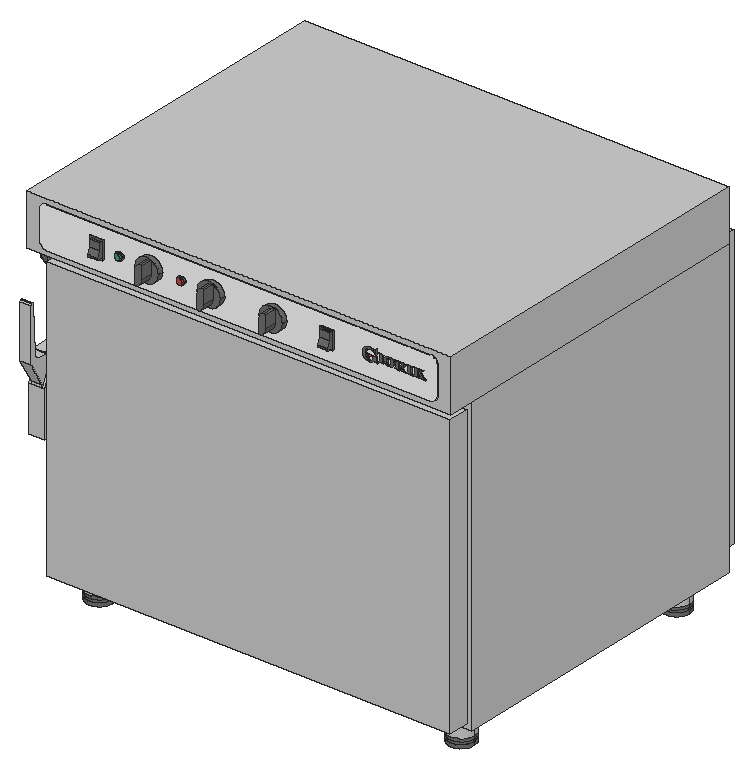
Revit family "QF_GIORIK_GR0511M_GR0511L_GR0511E_GR0511P", category Specialty Equipment, Revit 2014
Parameters (values of type "GR0511M")
  Weight in Pounds = 213.848
  Watts = 6300 W
  Waste Water Discharge Temperature = 0 °C
  Volts = 400 V
  URL Cutsheet = ""
  URL = "www.giorik.com"
  Programmable electronic control = no
  Plumbing Remarks [instance] = ""
  Plumbing Connection Type [instance] = ""
  Legs height [instance] = 60 mm
  Indirect Waste Size = 3/4"
  Indirect Waste Flow = 0.0 L/s
  Indirect Waste Connection Type [instance] = ""
  Indirect Waste Connection Height = 46 mm
  Mechanical control = yes
  Status [instance] = ""
  Specification by User [instance] = ""
  Specification by Manufacturer = ""
  Serial Number = ""
  Seismic Rating = ""
  SMACNA No = ""
  Revision Code [instance] = ""
  Phase = 3
  Number of Poles [instance] = 3
  NAFEM Spec ID Number = ""
  Model = "GR0511M"
  Min Ckt Ampacity = 0 A
  Max Overcurrent Protection = 20 A
  Masterspec = ""
  Manufacturer = "GIORIK"
  Show Logo [instance] = yes
  Show Clearance [instance] = yes
  Item Number [instance] = ""
  Installed By [instance] = ""
  Identify Quantity as Lot [instance] = no
  HP = "0"
  Furnished By [instance] = ""
  Foodservice Equipment Identifier [instance] = yes
  FL Amps = 0 A
  Electronic control = no
  Electrical Remarks [instance] = ""
  Electric Connection Type [instance] = ""
  Elec Conn RI Height [instance] = 0 mm
  Elec Conn Connection Height [instance] = 284 mm
  Description = "REGENERATING OVEN 5 GN 1/1 - MECHANICAL VERSION"
  Cycle = 50 Hz
  Conn Plug = ""
  Conn Conduit [instance] = no
  Cold Water Temperature Recommended = 0 °C
  Cold Water Size = 3/4"
  Cold Water RI Height [instance] = 0 mm
  Cold Water Minimum Pressure [instance] = 150.0 kPa
  Cold Water Maximum Pressure [instance] = 600.0 kPa
  Cold Water Flow [instance] = 0.0 L/s
  Cold Water Consumption [instance] = ""
  Cold Water Connection Height = 199 mm
  CSI MasterFormat = ""
  Assembly Code = "E1090320"
  Apparent Power = 6300 VA
Reference planes
  plane 1 "Back": y = 0
  plane 2: z = 0
  plane 3 "Left": x = 0
  plane 4 "Right": x = 820
  plane 5 "Front": y = -746
  plane 6 "Top": z = 730
  plane 7 "Legs height": z = 60
  plane 8 "Front oven": y = -696
Forms (mm)
  Extrusion 1, solid
    sketch origin (0, 0, 0) x (1, 0, 0) y (0, 0, 1)
      loop
        line (0, 60) -> (820, 60) -> (820, 630) -> (0, 630) -> (0, 60)
    from 75 to 696
  Extrusion 2, solid
    sketch origin (0, -746, 0) x (-1, 0, 0) y (0, 0, 1)
      loop
        line (-818, 620) -> (-818, 75) -> (-38, 75) -> (-38, 620) -> (-818, 620)
    from 0 to 40
  Extrusion 3, solid, visible <- "Show Clearance", detail levels coarse
    sketch origin (430, -505, 0) x (1, 0, 0) y (0, 1, 0)
      loop
        line (-430, -241) -> (-430, 505) -> (390, 505) -> (390, -241) -> (490, -241) -> (490, 605) -> (-530, 605) -> (-530, -241) -> (-430, -241)
    from 0 to 730
  Extrusion 4, solid, visible <- "Show Clearance", detail levels coarse
    sketch origin (0, -21, 60) x (0, 1, 0) y (-1, 0, 0)
      loop
        line (-725, -820) -> (-725, -38)
        arc (-725, -38) -> (-1269.196, -248.189) -> (-1509, -780) r 768.537
        line (-1509, -780) -> (-1509, -820) -> (-725, -820)
    from 15 to 560
  Extrusion 5, solid
    sketch origin (0, -746, 0) x (-1, 0, 0) y (0, 0, 1)
      loop
        arc (-25, 705) -> (-29.393, 715.607) -> (-40, 720) r 15
        line (-40, 720) -> (-780, 720)
        arc (-780, 720) -> (-790.607, 715.607) -> (-795, 705) r 15
        line (-795, 705) -> (-795, 655)
        arc (-795, 655) -> (-790.607, 644.393) -> (-780, 640) r 15
        line (-780, 640) -> (-40, 640)
        arc (-40, 640) -> (-29.393, 644.393) -> (-25, 655) r 15
        line (-25, 655) -> (-25, 705)
    from -0.5 to 2
  Extrusion 6, solid
    sketch origin (820, 165, 0) x (0, -1, 0) y (0, 0, 1)
      loop
        circle (220, 199) r 11
    from 50 to 30
  Extrusion 7, solid, visible <- "Mechanical control"
    sketch origin (0, -746, 0) x (-1, 0, 0) y (0, 0, 1)
      loop
        circle (-180, 680) r 7.5
    from 0 to -3
  Extrusion 8, solid, visible <- "Show Logo", detail levels medium+fine
    sketch origin (576.604, -746, 203.695) x (-1, 0, 0) y (0, 0, 1)
      loop
        line (-104.547, 483.962) -> (-115.547, 483.962) -> (-112.754, 481.618) -> (-112.754, 471.306) -> (-115.547, 468.962) -> (-104.547, 468.962) -> (-107.34, 471.306) -> (-107.34, 481.618) -> (-104.547, 483.962)
      loop
        line (-159.547, 483.962) -> (-170.547, 483.962) -> (-167.754, 481.618) -> (-167.754, 471.306) -> (-170.547, 468.962) -> (-159.547, 468.962) -> (-162.34, 471.306) -> (-162.34, 481.618) -> (-159.547, 483.962)
      loop
        line (-172.547, 483.962) -> (-183.547, 483.962) -> (-180.754, 481.618) -> (-180.754, 476.706) -> (-187.354, 482.244) -> (-184.9, 483.962) -> (-193.294, 483.962) -> (-189.303, 482.101) -> (-186.172, 478.97) -> (-192.777, 471.098) -> (-195.9, 469.962) -> (-195.9, 468.962) -> (-184.9, 468.962) -> (-186.151, 470.747) -> (-182.483, 475.625) -> (-180.754, 474.818) -> (-180.754, 471.306) -> (-183.547, 468.962) -> (-172.547, 468.962) -> (-175.34, 471.306) -> (-175.34, 481.618) -> (-172.547, 483.962)
      loop
        line (-100.387, 488.5) -> (-100.387, 478.865)
        arc (-100.387, 478.865) -> (-95.719, 483.282) -> (-89.875, 485.956) r 19.648
        arc (-89.875, 485.956) -> (-85.547, 485.774) -> (-82.114, 483.131) r 7.168
        arc (-82.114, 483.131) -> (-80.034, 476.5) -> (-82.114, 469.868) r 11.613
        arc (-82.114, 469.868) -> (-84.434, 467.581) -> (-87.423, 466.287) r 8.864
        arc (-87.423, 466.287) -> (-90.954, 466.508) -> (-93.801, 468.608) r 6.26
        line (-93.801, 468.608) -> (-93.801, 476.174) -> (-101.26, 476.174) -> (-101.26, 468.213) -> (-103.406, 466.068) -> (-98.753, 467.314)
        arc (-98.753, 467.314) -> (-96.873, 467.533) -> (-95.12, 466.821) r 3.816
        arc (-95.12, 466.821) -> (-86.651, 464.034) -> (-78.183, 466.821) r 14.26
        arc (-78.183, 466.821) -> (-73.396, 476.305) -> (-78.183, 485.788) r 11.787
        arc (-78.183, 485.788) -> (-86.838, 488.637) -> (-95.494, 485.788) r 14.575
        line (-95.494, 485.788) -> (-100.387, 488.5)
      loop
        arc (-117.299, 481.157) -> (-125.457, 484.293) -> (-133.615, 481.157) r 12.178
        arc (-133.615, 481.157) -> (-135.675, 476.524) -> (-133.615, 471.891) r 6.24
        arc (-133.615, 471.891) -> (-125.457, 468.755) -> (-117.299, 471.891) r 12.178
        arc (-117.299, 471.891) -> (-115.239, 476.524) -> (-117.299, 481.157) r 6.24
      loop
        arc (-121.457, 479.117) -> (-125.457, 483.117) -> (-129.457, 479.117) r 4
        line (-129.457, 479.117) -> (-129.457, 473.931)
        arc (-129.457, 473.931) -> (-125.457, 469.931) -> (-121.457, 473.931) r 4
        line (-121.457, 473.931) -> (-121.457, 479.117)
      loop
        arc (-150.534, 483.971) -> (-154.557, 479.947) -> (-150.534, 475.923) r 4.024
        line (-150.534, 475.923) -> (-154.412, 470.423) -> (-157.545, 468.962) -> (-149.901, 468.962) -> (-147.062, 475.05) -> (-143.519, 475.05) -> (-143.519, 471.008) -> (-146.441, 468.962) -> (-135.402, 468.962) -> (-137.953, 470.881) -> (-137.953, 481.677) -> (-135.669, 483.971) -> (-150.534, 483.971)
      loop
        line (-143.519, 482.926) -> (-147.194, 482.926)
        arc (-147.194, 482.926) -> (-150.379, 479.741) -> (-147.194, 476.556) r 3.185
        line (-147.194, 476.556) -> (-143.519, 476.556) -> (-143.519, 482.926)
    from 0.5 to -1.5
  Extrusion 9, solid, visible <- "Show Logo", detail levels medium+fine
    sketch origin (574.604, -746, 203.695) x (-1, 0, 0) y (0, 0, 1)
      loop
        line (-83.301, 476.174) -> (-95.301, 476.174) -> (-89.301, 471.174) -> (-83.301, 476.174)
    from 0.5 to -1.5
  Extrusion 10, solid
    sketch origin (0, -53, 0) x (1, 0, 0) y (0, 1, 0)
      loop
        circle (60, -72) r 25
    from 0 to 6
  Extrusion 11, solid
    sketch origin (0, -53, 0) x (1, 0, 0) y (0, 1, 0)
      loop
        circle (60, -72) r 25
    from 17 to 60
  Extrusion 12, solid
    sketch origin (0, -53, 0) x (1, 0, 0) y (0, 1, 0)
      loop
        circle (60, -72) r 23
    from 6 to 12
  Extrusion 13, solid
    sketch origin (0, -53, 0) x (1, 0, 0) y (0, 1, 0)
      loop
        circle (60, -72) r 25
    from 12 to 17
  Extrusion 14, solid
    sketch origin (0, -573, 0) x (1, 0, 0) y (0, 1, 0)
      loop
        circle (60, -72) r 25
    from 0 to 6
  Extrusion 15, solid
    sketch origin (0, -573, 0) x (1, 0, 0) y (0, 1, 0)
      loop
        circle (60, -72) r 25
    from 17 to 60
  Extrusion 16, solid
    sketch origin (0, -573, 0) x (1, 0, 0) y (0, 1, 0)
      loop
        circle (60, -72) r 23
    from 6 to 12
  Extrusion 17, solid
    sketch origin (0, -573, 0) x (1, 0, 0) y (0, 1, 0)
      loop
        circle (60, -72) r 25
    from 12 to 17
  Extrusion 18, solid
    sketch origin (700, -53, 0) x (1, 0, 0) y (0, 1, 0)
      loop
        circle (60, -72) r 25
    from 0 to 6
  Extrusion 19, solid
    sketch origin (700, -53, 0) x (1, 0, 0) y (0, 1, 0)
      loop
        circle (60, -72) r 25
    from 17 to 60
  Extrusion 20, solid
    sketch origin (700, -53, 0) x (1, 0, 0) y (0, 1, 0)
      loop
        circle (60, -72) r 23
    from 6 to 12
  Extrusion 21, solid
    sketch origin (700, -53, 0) x (1, 0, 0) y (0, 1, 0)
      loop
        circle (60, -72) r 25
    from 12 to 17
  Extrusion 22, solid
    sketch origin (700, -573, 0) x (1, 0, 0) y (0, 1, 0)
      loop
        circle (60, -72) r 25
    from 0 to 6
  Extrusion 23, solid
    sketch origin (700, -573, 0) x (1, 0, 0) y (0, 1, 0)
      loop
        circle (60, -72) r 25
    from 17 to 60
  Extrusion 24, solid
    sketch origin (700, -573, 0) x (1, 0, 0) y (0, 1, 0)
      loop
        circle (60, -72) r 23
    from 6 to 12
  Extrusion 25, solid
    sketch origin (700, -573, 0) x (1, 0, 0) y (0, 1, 0)
      loop
        circle (60, -72) r 25
    from 12 to 17
  Extrusion 26, solid
    sketch origin (0, 0, 0) x (1, 0, 0) y (0, 0, 1)
      loop
        line (50, 60) -> (770, 60) -> (770, 605) -> (50, 605) -> (50, 60)
    from 0 to 75
  Extrusion 27, solid
    sketch origin (0, 0, 0) x (1, 0, 0) y (0, 0, 1)
      loop
        line (0, 730) -> (0, 630) -> (820, 630) -> (820, 730) -> (0, 730)
    from 75 to 746
  Extrusion 28, solid
    sketch origin (0, 0, 0) x (0, 1, 0) y (0, 0, 1)
      loop
        line (-708.5, 307) -> (-708.5, 457) -> (-735.5, 455.5) -> (-735.5, 426.5) -> (-748.5, 400) -> (-748.5, 312) -> (-708.5, 307)
    from 6 to 36
  Extrusion 29, solid
    sketch origin (0, 0, 0) x (0, 1, 0) y (0, 0, 1)
      loop
        line (-748.5, 400) -> (-735.5, 426.5) -> (-735.5, 453.216) -> (-755.655, 455.333)
        arc (-755.655, 455.333) -> (-761.803, 458.331) -> (-764.586, 464.58) r 10
        line (-764.586, 464.58) -> (-771, 556.21) -> (-773.5, 556.21) -> (-776, 553.71) -> (-776, 452.08) -> (-748.5, 404.31) -> (-748.5, 400)
    from 11 to 31
  Extrusion 30, solid
    sketch origin (0, 0, 0) x (0, 1, 0) y (0, 0, 1)
      loop
        line (-696, 306.3) -> (-696, 364.3) -> (-698.8, 364.3)
        arc (-698.8, 364.3) -> (-700.568, 363.568) -> (-701.3, 361.8) r 2.5
        line (-701.3, 361.8) -> (-701.3, 339.484)
        arc (-701.3, 339.484) -> (-701.917, 337.839) -> (-703.464, 337.006) r 2.5
        line (-703.464, 337.006) -> (-708.5, 336.324) -> (-708.5, 324.276) -> (-703.464, 323.593)
        arc (-703.464, 323.593) -> (-701.917, 322.761) -> (-701.3, 321.116) r 2.5
        line (-701.3, 321.116) -> (-701.3, 308.8)
        arc (-701.3, 308.8) -> (-700.568, 307.032) -> (-698.8, 306.3) r 2.5
        line (-698.8, 306.3) -> (-696, 306.3)
    from 8.5 to 33.5
  Extrusion 31, solid, visible <- "Mechanical control"
    sketch origin (0, -746, 0) x (-1, 0, 0) y (0, 0, 1)
      loop
        arc (-247.2, 674.346) -> (-244.087, 665.403) -> (-236.094, 660.325) r 14.404
        arc (-236.094, 660.325) -> (-234.423, 660.714) -> (-232.8, 661.269) r 17
        line (-232.8, 661.269) -> (-232.8, 686.046)
        arc (-232.8, 686.046) -> (-235.913, 694.989) -> (-243.906, 700.067) r 14.404
        arc (-243.906, 700.067) -> (-245.577, 699.678) -> (-247.2, 699.123) r 17
        line (-247.2, 699.123) -> (-247.2, 674.346)
    from -30 to -10
  Extrusion 32, solid, visible <- "Mechanical control"
    sketch origin (0, -746, 0) x (-1, 0, 0) y (0, 0, 1)
      loop
        circle (-240, 680.196) r 22.5
    from 0 to -10
  Extrusion 33, solid, visible <- "Mechanical control"
    sketch origin (120, -746, 0) x (-1, 0, 0) y (0, 0, 1)
      loop
        arc (-247.2, 674.346) -> (-244.087, 665.403) -> (-236.094, 660.325) r 14.404
        arc (-236.094, 660.325) -> (-234.423, 660.714) -> (-232.8, 661.269) r 17
        line (-232.8, 661.269) -> (-232.8, 686.046)
        arc (-232.8, 686.046) -> (-235.913, 694.989) -> (-243.906, 700.067) r 14.404
        arc (-243.906, 700.067) -> (-245.577, 699.678) -> (-247.2, 699.123) r 17
        line (-247.2, 699.123) -> (-247.2, 674.346)
    from -30 to -10
  Extrusion 34, solid, visible <- "Mechanical control"
    sketch origin (120, -746, 0) x (-1, 0, 0) y (0, 0, 1)
      loop
        circle (-240, 680.196) r 22.5
    from 0 to -10
  Extrusion 35, solid, visible <- "Mechanical control"
    sketch origin (0, -746, 0) x (-1, 0, 0) y (0, 0, 1)
      loop
        circle (-180, 680) r 5.5
    from -3 to -6
  Extrusion 36, solid, visible <- "Mechanical control"
    sketch origin (120, -746, 0) x (-1, 0, 0) y (0, 0, 1)
      loop
        circle (-180, 680) r 7.5
    from 0 to -3
  Extrusion 37, solid, visible <- "Mechanical control"
    sketch origin (120, -746, 0) x (-1, 0, 0) y (0, 0, 1)
      loop
        circle (-180, 680) r 5.5
    from -3 to -6
  Extrusion 38, solid, visible <- "Mechanical control"
    sketch origin (0, -746, 0) x (-1, 0, 0) y (0, 0, 1)
      loop
        line (-125, 662.5) -> (-125, 697.5) -> (-150, 697.5) -> (-150, 662.5) -> (-125, 662.5)
    from 0 to -3
  Extrusion 39, solid, visible <- "Mechanical control"
    sketch origin (0, 0, 0) x (0, 1, 0) y (0, 0, 1)
      loop
        line (-749, 694.5) -> (-753, 694.5) -> (-753, 680) -> (-758.435, 668.345)
        arc (-758.435, 668.345) -> (-758.309, 666.425) -> (-756.622, 665.5) r 2
        line (-756.622, 665.5) -> (-749, 665.5) -> (-749, 694.5)
    from 128 to 147
  Extrusion 40, solid
    sketch origin (-118.5, -959, -389) x (0, 1, 0) y (0, 0, 1)
      loop
        line (894.124, 687.794) -> (886.25, 674.156) -> (886.25, 671.844) -> (894.124, 658.206) -> (896.126, 657.05) -> (911.874, 657.05) -> (913.876, 658.206) -> (921.75, 671.844) -> (921.75, 674.156) -> (913.876, 687.794) -> (911.874, 688.95) -> (896.126, 688.95) -> (894.124, 687.794)
    from 144.771 to 152.771
  Extrusion 41, solid
    sketch origin (-118.5, -959, -389) x (0, 1, 0) y (0, 0, 1)
      loop
        line (894.124, 687.794) -> (886.25, 674.156) -> (886.25, 671.844) -> (894.124, 658.206) -> (896.126, 657.05) -> (911.874, 657.05) -> (913.876, 658.206) -> (921.75, 671.844) -> (921.75, 674.156) -> (913.876, 687.794) -> (911.874, 688.95) -> (896.126, 688.95) -> (894.124, 687.794)
    from 160.771 to 152.771
  Extrusion 42, solid
    sketch origin (-118.5, -959, -389) x (0, 1, 0) y (0, 0, 1)
      loop
        line (894.124, 687.794) -> (886.25, 674.156) -> (886.25, 671.844) -> (894.124, 658.206) -> (896.126, 657.05) -> (911.874, 657.05) -> (913.876, 658.206) -> (921.75, 671.844) -> (921.75, 674.156) -> (913.876, 687.794) -> (911.874, 688.95) -> (896.126, 688.95) -> (894.124, 687.794)
    from 168.5 to 160.771
  Revolve 43, solid
    sketch origin (16, 0, 0) x (0, 1, 0) y (0, 0, 1)
      loop
        line (-696, 609.289) -> (-696, 617.386) -> (-706.896, 619.202)
        arc (-706.896, 619.202) -> (-707.334, 619.395) -> (-707.638, 619.766) r 1.032
        line (-707.638, 619.766) -> (-710.719, 626.1)
        arc (-710.719, 626.1) -> (-711.654, 626.864) -> (-712.588, 626.1) r 0.954
        arc (-712.588, 626.1) -> (-714.837, 617.805) -> (-716, 609.289) r 66.68
        line (-716, 609.289) -> (-696, 609.289)
      axis (-696, 609.289) -> (-716, 609.289)
    angle from 0 to 360
  Extrusion 44, solid, visible <- "Mechanical control"
    sketch origin (240, -746, 0) x (-1, 0, 0) y (0, 0, 1)
      loop
        arc (-247.2, 674.346) -> (-244.087, 665.403) -> (-236.094, 660.325) r 14.404
        arc (-236.094, 660.325) -> (-234.423, 660.714) -> (-232.8, 661.269) r 17
        line (-232.8, 661.269) -> (-232.8, 686.046)
        arc (-232.8, 686.046) -> (-235.913, 694.989) -> (-243.906, 700.067) r 14.404
        arc (-243.906, 700.067) -> (-245.577, 699.678) -> (-247.2, 699.123) r 17
        line (-247.2, 699.123) -> (-247.2, 674.346)
    from -30 to -10
  Extrusion 45, solid, visible <- "Mechanical control"
    sketch origin (240, -746, 0) x (-1, 0, 0) y (0, 0, 1)
      loop
        circle (-240, 680.196) r 22.5
    from 0 to -10
  Extrusion 46, solid, visible <- "Mechanical control"
    sketch origin (720, -746, 0) x (1, 0, 0) y (0, 0, -1)
      loop
        line (-125, -662.5) -> (-150, -662.5) -> (-150, -697.5) -> (-125, -697.5) -> (-125, -662.5)
    from 0 to -3
  Extrusion 47, solid, visible <- "Mechanical control"
    sketch origin (720, 0, 0) x (0, 1, 0) y (0, 0, -1)
      loop
        line (-749, -694.5) -> (-749, -665.5) -> (-756.622, -665.5)
        arc (-756.622, -665.5) -> (-758.309, -666.425) -> (-758.435, -668.345) r 2
        line (-758.435, -668.345) -> (-753, -680) -> (-753, -694.5) -> (-749, -694.5)
    from 128 to 147
  Sweep 48, solid
    path origin (0, 0, 60) x (0, 1, 0) y (-1, 0, 0)
      loop
        line (-470.54, -439.955) -> (-10, -645)
    profile origin (542.477, -240.27, 60) x (-0.913545, 0.406737, 0) y (0, 0, 1)
      loop
        circle (0, -14) r 11
  Sweep 49, solid
    path origin (986.762, -201.241, 4.474) x (-0.406737, -0.913545, 0) y (0, 0, 1)
      loop
        line (468.424, 46) -> (478.424, 46)
        arc (478.424, 46) -> (485.495, 48.929) -> (488.424, 56) r 10
        line (488.424, 56) -> (488.424, 60)
    profile origin (788.103, -647.438, 62.474) x (0.406737, 0.913545, 0) y (-0.913545, 0.406737, 0)
      loop
        circle (-4.474, 390) r 11
  Sweep 50, solid
    path origin (0, 0, 60) x (0, 1, 0) y (-1, 0, 0)
      loop
        line (-478.977, -436.198) -> (-451.571, -448.4)
    profile origin (442.299, -465.274, 60) x (-0.913545, 0.406737, 0) y (0, 0, 1)
      loop
        circle (0, -14) r 14
  Sweep 51, solid
    path origin (0, 0, 0) x (0, 1, 0) y (0, 0, 1)
      loop
        line (-79.938, 674.218) -> (-60.185, 677.347)
    profile origin (0, -70.062, 675.782) x (0, -0.156434, 0.987688) y (1, 0, 0)
      loop
        circle (0, 160) r 25
  Extrusion 52, solid, visible <- "Programmable electronic control"
    sketch origin (0, -746, 0) x (-1, 0, 0) y (0, 0, 1)
      loop
        line (-71, 685.5) -> (-71, 699.5)
        arc (-71, 699.5) -> (-71.586, 700.914) -> (-73, 701.5) r 2
        line (-73, 701.5) -> (-87, 701.5)
        arc (-87, 701.5) -> (-88.414, 700.914) -> (-89, 699.5) r 2
        line (-89, 699.5) -> (-89, 685.5)
        arc (-89, 685.5) -> (-88.414, 684.086) -> (-87, 683.5) r 2
        line (-87, 683.5) -> (-73, 683.5)
        arc (-73, 683.5) -> (-71.586, 684.086) -> (-71, 685.5) r 2
      loop
        arc (-71, 667) -> (-71.586, 668.414) -> (-73, 669) r 2
        line (-73, 669) -> (-87, 669)
        arc (-87, 669) -> (-88.414, 668.414) -> (-89, 667) r 2
        line (-89, 667) -> (-89, 653)
        arc (-89, 653) -> (-88.414, 651.586) -> (-87, 651) r 2
        line (-87, 651) -> (-73, 651)
        arc (-73, 651) -> (-71.586, 651.586) -> (-71, 653) r 2
        line (-71, 653) -> (-71, 667)
      loop
        line (-85.824, 691.942) -> (-85.824, 688.598) -> (-77.871, 688.598) -> (-77.871, 687.344) -> (-75.064, 689.098) -> (-77.871, 690.852) -> (-77.871, 689.598) -> (-84.824, 689.598) -> (-84.824, 691.942) -> (-85.824, 691.942)
      loop
        arc (-86.5, 668) -> (-87.561, 667.561) -> (-88, 666.5) r 1.5
        line (-88, 666.5) -> (-88, 653.5)
        arc (-88, 653.5) -> (-87.561, 652.439) -> (-86.5, 652) r 1.5
        line (-86.5, 652) -> (-73.5, 652)
        arc (-73.5, 652) -> (-72.439, 652.439) -> (-72, 653.5) r 1.5
        line (-72, 653.5) -> (-72, 666.5)
        arc (-72, 666.5) -> (-72.439, 667.561) -> (-73.5, 668) r 1.5
        line (-73.5, 668) -> (-86.5, 668)
      loop
        line (-79.5, 666) -> (-80.5, 666) -> (-80.5, 660) -> (-79.5, 660) -> (-79.5, 666)
      loop
        arc (-78.987, 665.406) -> (-80, 654.5) -> (-81.013, 665.406) r 5.5
        line (-81.013, 665.406) -> (-81.013, 664.385)
        arc (-81.013, 664.385) -> (-80, 655.5) -> (-78.987, 664.385) r 4.5
        line (-78.987, 664.385) -> (-78.987, 665.406)
      loop
        line (-75.022, 697) -> (-84.978, 697) -> (-84.978, 694.886) -> (-75.022, 694.886) -> (-75.022, 697)
      loop
        line (-107, 685.5) -> (-107, 699.5)
        arc (-107, 699.5) -> (-107.586, 700.914) -> (-109, 701.5) r 2
        line (-109, 701.5) -> (-123, 701.5)
        arc (-123, 701.5) -> (-124.414, 700.914) -> (-125, 699.5) r 2
        line (-125, 699.5) -> (-125, 685.5)
        arc (-125, 685.5) -> (-124.414, 684.086) -> (-123, 683.5) r 2
        line (-123, 683.5) -> (-109, 683.5)
        arc (-109, 683.5) -> (-107.586, 684.086) -> (-107, 685.5) r 2
      loop
        circle (-111.46, 697) r 1.5
      loop
        circle (-120.54, 688) r 1.5
      loop
        arc (-107, 667) -> (-107.586, 668.414) -> (-109, 669) r 2
        line (-109, 669) -> (-123, 669)
        arc (-123, 669) -> (-124.414, 668.414) -> (-125, 667) r 2
        line (-125, 667) -> (-125, 653)
        arc (-125, 653) -> (-124.414, 651.586) -> (-123, 651) r 2
        line (-123, 651) -> (-109, 651)
        arc (-109, 651) -> (-107.586, 651.586) -> (-107, 653) r 2
        line (-107, 653) -> (-107, 667)
      loop
        arc (-110.035, 662.254) -> (-112.14, 663.328) -> (-114.387, 662.599) r 3.087
        arc (-114.387, 662.599) -> (-116.352, 664.804) -> (-119.278, 665.2) r 4.257
        line (-119.278, 665.2) -> (-121.9, 659.311)
        arc (-121.9, 659.311) -> (-118.973, 658.915) -> (-117.009, 656.711) r 4.257
        arc (-117.009, 656.711) -> (-114.761, 657.439) -> (-112.657, 656.365) r 3.087
        line (-112.657, 656.365) -> (-110.035, 662.254)
      loop
        arc (-111.244, 661.998) -> (-112.518, 662.333) -> (-113.738, 661.838) r 2.087
        line (-113.738, 661.838) -> (-115.318, 662.234)
        arc (-115.318, 662.234) -> (-116.614, 663.801) -> (-118.587, 664.293) r 3.257
        line (-118.587, 664.293) -> (-120.332, 660.374)
        arc (-120.332, 660.374) -> (-118.235, 659.644) -> (-116.626, 658.114) r 5.257
        arc (-116.626, 658.114) -> (-114.817, 658.444) -> (-113.047, 657.949) r 4.087
        line (-113.047, 657.949) -> (-111.244, 661.998)
      loop
        arc (-143, 667) -> (-143.586, 668.414) -> (-145, 669) r 2
        line (-145, 669) -> (-159, 669)
        arc (-159, 669) -> (-160.414, 668.414) -> (-161, 667) r 2
        line (-161, 667) -> (-161, 653)
        arc (-161, 653) -> (-160.414, 651.586) -> (-159, 651) r 2
        line (-159, 651) -> (-145, 651)
        arc (-145, 651) -> (-143.586, 651.586) -> (-143, 653) r 2
        line (-143, 653) -> (-143, 667)
      loop
        arc (-179, 667) -> (-179.586, 668.414) -> (-181, 669) r 2
        line (-181, 669) -> (-195, 669)
        arc (-195, 669) -> (-196.414, 668.414) -> (-197, 667) r 2
        line (-197, 667) -> (-197, 653)
        arc (-197, 653) -> (-196.414, 651.586) -> (-195, 651) r 2
        line (-195, 651) -> (-181, 651)
        arc (-181, 651) -> (-179.586, 651.586) -> (-179, 653) r 2
        line (-179, 653) -> (-179, 667)
      loop
        line (-149.5, 659.25) -> (-149.5, 660.75) -> (-154.5, 660.75) -> (-154.5, 659.25) -> (-149.5, 659.25)
      loop
        line (-185, 659.25) -> (-185, 660.75) -> (-187.25, 660.75) -> (-187.25, 662.992) -> (-188.75, 662.992) -> (-188.75, 660.75) -> (-191, 660.75) -> (-191, 659.25) -> (-188.75, 659.25) -> (-188.75, 657) -> (-187.25, 657) -> (-187.25, 659.25) -> (-185, 659.25)
      loop
        arc (-215, 667) -> (-215.586, 668.414) -> (-217, 669) r 2
        line (-217, 669) -> (-231, 669)
        arc (-231, 669) -> (-232.414, 668.414) -> (-233, 667) r 2
        line (-233, 667) -> (-233, 653)
        arc (-233, 653) -> (-232.414, 651.586) -> (-231, 651) r 2
        line (-231, 651) -> (-217, 651)
        arc (-217, 651) -> (-215.586, 651.586) -> (-215, 653) r 2
        line (-215, 653) -> (-215, 667)
      loop
        arc (-215, 699.5) -> (-215.586, 700.914) -> (-217, 701.5) r 2
        line (-217, 701.5) -> (-231, 701.5)
        arc (-231, 701.5) -> (-232.414, 700.914) -> (-233, 699.5) r 2
        line (-233, 699.5) -> (-233, 685.5)
        arc (-233, 685.5) -> (-232.414, 684.086) -> (-231, 683.5) r 2
        line (-231, 683.5) -> (-217, 683.5)
        arc (-217, 683.5) -> (-215.586, 684.086) -> (-215, 685.5) r 2
        line (-215, 685.5) -> (-215, 699.5)
      loop
        circle (-224, 660) r 6
      loop
        line (-221.142, 661.959) -> (-223.931, 660.283) -> (-227.005, 662.956) -> (-227.557, 662.321) -> (-224.689, 659.828) -> (-225.876, 659.114) -> (-225.443, 658.393) -> (-224.021, 659.247) -> (-223.106, 658.451) -> (-222.554, 659.086) -> (-223.263, 659.703) -> (-220.708, 661.238) -> (-221.142, 661.959)
      loop
        line (-224, 698.571) -> (-227.538, 691.867)
        arc (-227.538, 691.867) -> (-224, 686) -> (-220.462, 691.867) r 4
        line (-220.462, 691.867) -> (-224, 698.571)
      loop
        circle (-224, 660) r 5.3
      loop
        arc (-251, 667) -> (-251.586, 668.414) -> (-253, 669) r 2
        line (-253, 669) -> (-267, 669)
        arc (-267, 669) -> (-268.414, 668.414) -> (-269, 667) r 2
        line (-269, 667) -> (-269, 653)
        arc (-269, 653) -> (-268.414, 651.586) -> (-267, 651) r 2
        line (-267, 651) -> (-253, 651)
        arc (-253, 651) -> (-251.586, 651.586) -> (-251, 653) r 2
        line (-251, 653) -> (-251, 667)
      loop
        arc (-251, 699.5) -> (-251.586, 700.914) -> (-253, 701.5) r 2
        line (-253, 701.5) -> (-267, 701.5)
        arc (-267, 701.5) -> (-268.414, 700.914) -> (-269, 699.5) r 2
        line (-269, 699.5) -> (-269, 685.5)
        arc (-269, 685.5) -> (-268.414, 684.086) -> (-267, 683.5) r 2
        line (-267, 683.5) -> (-253, 683.5)
        arc (-253, 683.5) -> (-251.586, 684.086) -> (-251, 685.5) r 2
        line (-251, 685.5) -> (-251, 699.5)
      loop
        arc (-287, 667) -> (-287.586, 668.414) -> (-289, 669) r 2
        line (-289, 669) -> (-303, 669)
        arc (-303, 669) -> (-304.414, 668.414) -> (-305, 667) r 2
        line (-305, 667) -> (-305, 653)
        arc (-305, 653) -> (-304.414, 651.586) -> (-303, 651) r 2
        line (-303, 651) -> (-289, 651)
        arc (-289, 651) -> (-287.586, 651.586) -> (-287, 653) r 2
        line (-287, 653) -> (-287, 667)
      loop
        arc (-287, 699.5) -> (-287.586, 700.914) -> (-289, 701.5) r 2
        line (-289, 701.5) -> (-303, 701.5)
        arc (-303, 701.5) -> (-304.414, 700.914) -> (-305, 699.5) r 2
        line (-305, 699.5) -> (-305, 685.5)
        arc (-305, 685.5) -> (-304.414, 684.086) -> (-303, 683.5) r 2
        line (-303, 683.5) -> (-289, 683.5)
        arc (-289, 683.5) -> (-287.586, 684.086) -> (-287, 685.5) r 2
        line (-287, 685.5) -> (-287, 699.5)
      loop
        arc (-261.2, 690.693) -> (-260, 686) -> (-258.8, 690.693) r 2.5
        line (-258.8, 690.693) -> (-258.8, 696.5)
        arc (-258.8, 696.5) -> (-260, 697.7) -> (-261.2, 696.5) r 1.2
        line (-261.2, 696.5) -> (-261.2, 690.693)
      loop
        line (-290.732, 660.416) -> (-301.526, 660.416) -> (-301.526, 659.324) -> (-290.732, 659.324) -> (-290.732, 660.416)
      loop
        line (-291.659, 664.456) -> (-300.665, 664.456) -> (-300.665, 661.807) -> (-291.659, 661.807) -> (-291.659, 664.456)
      loop
        line (-291.659, 655.544) -> (-291.659, 658.193) -> (-300.665, 658.193) -> (-300.665, 655.544) -> (-291.659, 655.544)
      loop
        line (-289.807, 689.232) -> (-293.938, 693.364)
        arc (-293.938, 693.364) -> (-295.275, 696.228) -> (-298.297, 697.153) r 3.889
        line (-298.297, 697.153) -> (-300.752, 697.153)
        arc (-300.752, 697.153) -> (-302.253, 695.652) -> (-300.752, 694.151) r 1.501
        line (-300.752, 694.151) -> (-299.094, 694.151)
        arc (-299.094, 694.151) -> (-297.433, 692.545) -> (-295.157, 692.145) r 3.942
        line (-295.157, 692.145) -> (-291.025, 688.014)
        arc (-291.025, 688.014) -> (-289.807, 688.014) -> (-289.807, 689.232) r 0.862
      loop
        line (-258.293, 664.504) -> (-264.651, 664.504) -> (-264.207, 662.845) -> (-261.896, 662.845) -> (-260.614, 656.251) -> (-259.114, 656.251) -> (-254.614, 656.251) -> (-257.653, 662.118) -> (-259.579, 658.644) -> (-260.396, 662.845) -> (-257.848, 662.845) -> (-258.293, 664.504)
      loop
        line (-255.765, 656.951) -> (-257.674, 660.637) -> (-259.427, 657.862) -> (-259.25, 656.951) -> (-255.765, 656.951)
      loop
        arc (-141, 702.202) -> (-141.629, 704.039) -> (-143.251, 705.107) r 3
        arc (-143.251, 705.107) -> (-170, 708.5) -> (-196.749, 705.107) r 107.125
        arc (-196.749, 705.107) -> (-198.371, 704.039) -> (-199, 702.202) r 3
        line (-199, 702.202) -> (-199, 682.798)
        arc (-199, 682.798) -> (-198.371, 680.961) -> (-196.749, 679.893) r 3
        arc (-196.749, 679.893) -> (-170, 676.5) -> (-143.251, 679.893) r 107.125
        arc (-143.251, 679.893) -> (-141.629, 680.961) -> (-141, 682.798) r 3
        line (-141, 682.798) -> (-141, 702.202)
      loop
        line (-150, 685.5) -> (-150, 699.5) -> (-190, 699.5) -> (-190, 685.5) -> (-150, 685.5)
    from 0.5 to -1.5
  Extrusion 53, solid, visible <- "Programmable electronic control"
    sketch origin (505, -746, 0) x (1, 0, 0) y (0, 0, -1)
      loop
        line (-125, -662.5) -> (-150, -662.5) -> (-150, -697.5) -> (-125, -697.5) -> (-125, -662.5)
    from 0 to -3
  Extrusion 54, solid, visible <- "Programmable electronic control"
    sketch origin (505, 0, 0) x (0, 1, 0) y (0, 0, -1)
      loop
        line (-749, -694.5) -> (-749, -665.5) -> (-756.622, -665.5)
        arc (-756.622, -665.5) -> (-758.309, -666.425) -> (-758.435, -668.345) r 2
        line (-758.435, -668.345) -> (-753, -680) -> (-753, -694.5) -> (-749, -694.5)
    from 128 to 147
  Extrusion 55, solid, visible <- "Programmable electronic control"
    sketch origin (-2, -746, 0) x (-1, 0, 0) y (0, 0, 1)
      loop
        circle (-72.5, 672) r 2
      loop
        circle (-108.5, 672) r 2
      loop
        circle (-216.5, 672) r 2
      loop
        circle (-252.5, 672) r 2
      loop
        circle (-288.5, 672) r 2
      loop
        circle (-216.5, 704.5) r 2
      loop
        circle (-252.5, 704.5) r 2
      loop
        circle (-288.5, 704.5) r 2
      loop
        circle (-139.5, 704.5) r 2
      loop
        circle (-139.5, 694.5) r 2
      loop
        line (-152, 699.5) -> (-192, 699.5) -> (-192, 685.5) -> (-152, 685.5) -> (-152, 699.5)
      loop
        circle (-271.5, 704.5) r 2
    from 0.5 to -1.5
  Extrusion 56, solid, visible <- "Electronic control"
    sketch origin (0, -746, 0) x (-1, 0, 0) y (0, 0, 1)
      loop
        arc (-107, 667) -> (-107.586, 668.414) -> (-109, 669) r 2
        line (-109, 669) -> (-123, 669)
        arc (-123, 669) -> (-124.414, 668.414) -> (-125, 667) r 2
        line (-125, 667) -> (-125, 653)
        arc (-125, 653) -> (-124.414, 651.586) -> (-123, 651) r 2
        line (-123, 651) -> (-109, 651)
        arc (-109, 651) -> (-107.586, 651.586) -> (-107, 653) r 2
        line (-107, 653) -> (-107, 667)
      loop
        arc (-122.5, 668) -> (-123.561, 667.561) -> (-124, 666.5) r 1.5
        line (-124, 666.5) -> (-124, 653.5)
        arc (-124, 653.5) -> (-123.561, 652.439) -> (-122.5, 652) r 1.5
        line (-122.5, 652) -> (-109.5, 652)
        arc (-109.5, 652) -> (-108.439, 652.439) -> (-108, 653.5) r 1.5
        line (-108, 653.5) -> (-108, 666.5)
        arc (-108, 666.5) -> (-108.439, 667.561) -> (-109.5, 668) r 1.5
        line (-109.5, 668) -> (-122.5, 668)
      loop
        line (-115.5, 666) -> (-116.5, 666) -> (-116.5, 660) -> (-115.5, 660) -> (-115.5, 666)
      loop
        arc (-114.987, 665.406) -> (-116, 654.5) -> (-117.013, 665.406) r 5.5
        line (-117.013, 665.406) -> (-117.013, 664.385)
        arc (-117.013, 664.385) -> (-116, 655.5) -> (-114.987, 664.385) r 4.5
        line (-114.987, 664.385) -> (-114.987, 665.406)
      loop
        arc (-143, 667) -> (-143.586, 668.414) -> (-145, 669) r 2
        line (-145, 669) -> (-159, 669)
        arc (-159, 669) -> (-160.414, 668.414) -> (-161, 667) r 2
        line (-161, 667) -> (-161, 653)
        arc (-161, 653) -> (-160.414, 651.586) -> (-159, 651) r 2
        line (-159, 651) -> (-145, 651)
        arc (-145, 651) -> (-143.586, 651.586) -> (-143, 653) r 2
        line (-143, 653) -> (-143, 667)
      loop
        arc (-179, 667) -> (-179.586, 668.414) -> (-181, 669) r 2
        line (-181, 669) -> (-195, 669)
        arc (-195, 669) -> (-196.414, 668.414) -> (-197, 667) r 2
        line (-197, 667) -> (-197, 653)
        arc (-197, 653) -> (-196.414, 651.586) -> (-195, 651) r 2
        line (-195, 651) -> (-181, 651)
        arc (-181, 651) -> (-179.586, 651.586) -> (-179, 653) r 2
        line (-179, 653) -> (-179, 667)
      loop
        line (-149.5, 659.25) -> (-149.5, 660.75) -> (-154.5, 660.75) -> (-154.5, 659.25) -> (-149.5, 659.25)
      loop
        line (-185, 659.25) -> (-185, 660.75) -> (-187.25, 660.75) -> (-187.25, 662.992) -> (-188.75, 662.992) -> (-188.75, 660.75) -> (-191, 660.75) -> (-191, 659.25) -> (-188.75, 659.25) -> (-188.75, 657) -> (-187.25, 657) -> (-187.25, 659.25) -> (-185, 659.25)
      loop
        arc (-215, 667) -> (-215.586, 668.414) -> (-217, 669) r 2
        line (-217, 669) -> (-231, 669)
        arc (-231, 669) -> (-232.414, 668.414) -> (-233, 667) r 2
        line (-233, 667) -> (-233, 653)
        arc (-233, 653) -> (-232.414, 651.586) -> (-231, 651) r 2
        line (-231, 651) -> (-217, 651)
        arc (-217, 651) -> (-215.586, 651.586) -> (-215, 653) r 2
        line (-215, 653) -> (-215, 667)
      loop
        arc (-215, 699.5) -> (-215.586, 700.914) -> (-217, 701.5) r 2
        line (-217, 701.5) -> (-231, 701.5)
        arc (-231, 701.5) -> (-232.414, 700.914) -> (-233, 699.5) r 2
        line (-233, 699.5) -> (-233, 685.5)
        arc (-233, 685.5) -> (-232.414, 684.086) -> (-231, 683.5) r 2
        line (-231, 683.5) -> (-217, 683.5)
        arc (-217, 683.5) -> (-215.586, 684.086) -> (-215, 685.5) r 2
        line (-215, 685.5) -> (-215, 699.5)
      loop
        circle (-224, 660) r 6
      loop
        line (-221.142, 661.959) -> (-223.931, 660.283) -> (-227.005, 662.956) -> (-227.557, 662.321) -> (-224.689, 659.828) -> (-225.876, 659.114) -> (-225.443, 658.393) -> (-224.021, 659.247) -> (-223.106, 658.451) -> (-222.554, 659.086) -> (-223.263, 659.703) -> (-220.708, 661.238) -> (-221.142, 661.959)
      loop
        line (-224, 698.571) -> (-227.538, 691.867)
        arc (-227.538, 691.867) -> (-224, 686) -> (-220.462, 691.867) r 4
        line (-220.462, 691.867) -> (-224, 698.571)
      loop
        circle (-224, 660) r 5.3
      loop
        arc (-251, 667) -> (-251.586, 668.414) -> (-253, 669) r 2
        line (-253, 669) -> (-267, 669)
        arc (-267, 669) -> (-268.414, 668.414) -> (-269, 667) r 2
        line (-269, 667) -> (-269, 653)
        arc (-269, 653) -> (-268.414, 651.586) -> (-267, 651) r 2
        line (-267, 651) -> (-253, 651)
        arc (-253, 651) -> (-251.586, 651.586) -> (-251, 653) r 2
        line (-251, 653) -> (-251, 667)
      loop
        arc (-251, 699.5) -> (-251.586, 700.914) -> (-253, 701.5) r 2
        line (-253, 701.5) -> (-267, 701.5)
        arc (-267, 701.5) -> (-268.414, 700.914) -> (-269, 699.5) r 2
        line (-269, 699.5) -> (-269, 685.5)
        arc (-269, 685.5) -> (-268.414, 684.086) -> (-267, 683.5) r 2
        line (-267, 683.5) -> (-253, 683.5)
        arc (-253, 683.5) -> (-251.586, 684.086) -> (-251, 685.5) r 2
        line (-251, 685.5) -> (-251, 699.5)
      loop
        arc (-287, 667) -> (-287.586, 668.414) -> (-289, 669) r 2
        line (-289, 669) -> (-303, 669)
        arc (-303, 669) -> (-304.414, 668.414) -> (-305, 667) r 2
        line (-305, 667) -> (-305, 653)
        arc (-305, 653) -> (-304.414, 651.586) -> (-303, 651) r 2
        line (-303, 651) -> (-289, 651)
        arc (-289, 651) -> (-287.586, 651.586) -> (-287, 653) r 2
        line (-287, 653) -> (-287, 667)
      loop
        arc (-287, 699.5) -> (-287.586, 700.914) -> (-289, 701.5) r 2
        line (-289, 701.5) -> (-303, 701.5)
        arc (-303, 701.5) -> (-304.414, 700.914) -> (-305, 699.5) r 2
        line (-305, 699.5) -> (-305, 685.5)
        arc (-305, 685.5) -> (-304.414, 684.086) -> (-303, 683.5) r 2
        line (-303, 683.5) -> (-289, 683.5)
        arc (-289, 683.5) -> (-287.586, 684.086) -> (-287, 685.5) r 2
        line (-287, 685.5) -> (-287, 699.5)
      loop
        arc (-261.2, 690.693) -> (-260, 686) -> (-258.8, 690.693) r 2.5
        line (-258.8, 690.693) -> (-258.8, 696.5)
        arc (-258.8, 696.5) -> (-260, 697.7) -> (-261.2, 696.5) r 1.2
        line (-261.2, 696.5) -> (-261.2, 690.693)
      loop
        line (-290.732, 660.416) -> (-301.526, 660.416) -> (-301.526, 659.324) -> (-290.732, 659.324) -> (-290.732, 660.416)
      loop
        line (-291.659, 664.456) -> (-300.665, 664.456) -> (-300.665, 661.807) -> (-291.659, 661.807) -> (-291.659, 664.456)
      loop
        line (-291.659, 655.544) -> (-291.659, 658.193) -> (-300.665, 658.193) -> (-300.665, 655.544) -> (-291.659, 655.544)
      loop
        line (-289.807, 689.232) -> (-293.938, 693.364)
        arc (-293.938, 693.364) -> (-295.275, 696.228) -> (-298.297, 697.153) r 3.889
        line (-298.297, 697.153) -> (-300.752, 697.153)
        arc (-300.752, 697.153) -> (-302.253, 695.652) -> (-300.752, 694.151) r 1.501
        line (-300.752, 694.151) -> (-299.094, 694.151)
        arc (-299.094, 694.151) -> (-297.433, 692.545) -> (-295.157, 692.145) r 3.942
        line (-295.157, 692.145) -> (-291.025, 688.014)
        arc (-291.025, 688.014) -> (-289.807, 688.014) -> (-289.807, 689.232) r 0.862
      loop
        line (-258.293, 664.504) -> (-264.651, 664.504) -> (-264.207, 662.845) -> (-261.896, 662.845) -> (-260.614, 656.251) -> (-259.114, 656.251) -> (-254.614, 656.251) -> (-257.653, 662.118) -> (-259.579, 658.644) -> (-260.396, 662.845) -> (-257.848, 662.845) -> (-258.293, 664.504)
      loop
        line (-255.765, 656.951) -> (-257.674, 660.637) -> (-259.427, 657.862) -> (-259.25, 656.951) -> (-255.765, 656.951)
      loop
        arc (-141, 702.202) -> (-141.629, 704.039) -> (-143.251, 705.107) r 3
        arc (-143.251, 705.107) -> (-170, 708.5) -> (-196.749, 705.107) r 107.125
        arc (-196.749, 705.107) -> (-198.371, 704.039) -> (-199, 702.202) r 3
        line (-199, 702.202) -> (-199, 682.798)
        arc (-199, 682.798) -> (-198.371, 680.961) -> (-196.749, 679.893) r 3
        arc (-196.749, 679.893) -> (-170, 676.5) -> (-143.251, 679.893) r 107.125
        arc (-143.251, 679.893) -> (-141.629, 680.961) -> (-141, 682.798) r 3
        line (-141, 682.798) -> (-141, 702.202)
      loop
        line (-150, 685.5) -> (-150, 699.5) -> (-190, 699.5) -> (-190, 685.5) -> (-150, 685.5)
    from 0.5 to -1.5
  Extrusion 57, solid, visible <- "Electronic control"
    sketch origin (505, -746, 0) x (1, 0, 0) y (0, 0, -1)
      loop
        line (-125, -662.5) -> (-150, -662.5) -> (-150, -697.5) -> (-125, -697.5) -> (-125, -662.5)
    from 0 to -3
  Extrusion 58, solid, visible <- "Electronic control"
    sketch origin (505, 0, 0) x (0, 1, 0) y (0, 0, -1)
      loop
        line (-749, -694.5) -> (-749, -665.5) -> (-756.622, -665.5)
        arc (-756.622, -665.5) -> (-758.309, -666.425) -> (-758.435, -668.345) r 2
        line (-758.435, -668.345) -> (-753, -680) -> (-753, -694.5) -> (-749, -694.5)
    from 128 to 147
  Extrusion 59, solid, visible <- "Electronic control"
    sketch origin (-2, -746, 0) x (-1, 0, 0) y (0, 0, 1)
      loop
        circle (-108.5, 672) r 2
      loop
        circle (-216.5, 672) r 2
      loop
        circle (-252.5, 672) r 2
      loop
        circle (-288.5, 672) r 2
      loop
        circle (-216.5, 704.5) r 2
      loop
        circle (-252.5, 704.5) r 2
      loop
        circle (-288.5, 704.5) r 2
      loop
        line (-152, 699.5) -> (-192, 699.5) -> (-192, 685.5) -> (-152, 685.5) -> (-152, 699.5)
      loop
        circle (-271.5, 704.5) r 2
    from 0.5 to -1.5
Lines and regions (mm)
  symbolic lines, style "QF_Clearances", visible <- "Show Clearance", detail levels coarse
    curve 1: line (-100, -746, 1115) -> (-100, 100, 1115)
    curve 2: line (-100, 100, 1115) -> (920, 100, 1115)
    curve 3: line (920, 100, 1115) -> (920, -746, 1115)
  symbolic lines, style "200-EquipBorder-2D"
    curve 4: line (0, -75, 0) -> (820, -75, 0)
    curve 5: line (820, -75, 0) -> (820, -746, 0)
    curve 6: line (0, -75, 0) -> (0, -746, 0)
    curve 7: line (0, -746, 0) -> (820, -746, 0)
    curve 10: line (50, -75, 60) -> (50, 0, 60)
    curve 11: line (50, 0, 60) -> (770, 0, 60)
    curve 12: line (770, 0, 60) -> (770, -75, 60)
    curve 14: line (26.271, -37.25, 60) -> (26.271, -72.75, 60)
    curve 15: line (26.271, -72.75, 60) -> (50, -72.75, 60)
    curve 16: line (26.271, -37.25, 60) -> (50, -37.25, 60)
    curve 17: line (11, -776, 60) -> (11, -746, 60)
    curve 18: line (11, -776, 60) -> (31, -776, 60)
    curve 19: line (31, -776, 60) -> (31, -746, 60)
    curve 62: line (790, -44, 60) -> (770, -44, 60)
    curve 63: line (790, -44, 60) -> (790, -66, 60)
    curve 64: line (790, -66, 60) -> (770, -66, 60)
    curve 65: line (185, -60.185, 60) -> (185, -75, 60)
    curve 66: line (135, -60.185, 60) -> (135, -75, 60)
    curve 67: spline (160, -56.274, 60) -> (157.243, -56.298, 60) -> (154.52, -56.369, 60) -> (151.864, -56.487, 60) -> (149.307, -56.65, 60) -> (146.881, -56.856, 60) -> (144.614, -57.102, 60) -> (142.535, -57.386, 60) -> (140.669, -57.705, 60) -> (139.039, -58.053, 60) -> (137.665, -58.428, 60) -> (136.562, -58.824, 60) -> (135.746, -59.236, 60)
    curve 68: spline (160, -64.096, 60) -> (164.159, -64.041, 60) -> (168.203, -63.879, 60) -> (172.018, -63.614, 60) -> (175.497, -63.253, 60) -> (178.545, -62.807, 60) -> (181.076, -62.288, 60) -> (183.019, -61.71, 60) -> (184.321, -61.09, 60) -> (184.945, -60.444, 60) -> (184.873, -59.791, 60) -> (184.108, -59.15, 60) -> (182.671, -58.536, 60)
    curve 69: spline (135.746, -59.236, 60) -> (135.109, -59.819, 60) -> (135.042, -60.41, 60) -> (135.544, -60.996, 60) -> (136.605, -61.564, 60) -> (138.201, -62.099, 60) -> (140.295, -62.592, 60) -> (142.84, -63.029, 60) -> (145.776, -63.401, 60) -> (149.037, -63.699, 60) -> (152.549, -63.918, 60) -> (156.232, -64.051, 60) -> (160, -64.096, 60)
    curve 70: spline (182.671, -58.536, 60) -> (181.574, -58.209, 60) -> (180.284, -57.899, 60) -> (178.812, -57.609, 60) -> (177.172, -57.342, 60) -> (175.378, -57.101, 60) -> (173.446, -56.888, 60) -> (171.394, -56.704, 60) -> (169.24, -56.551, 60) -> (167.004, -56.43, 60) -> (164.704, -56.344, 60) -> (162.363, -56.291, 60) -> (160, -56.274, 60)
  symbolic lines, style "QF_Door-Drawer Clearances", visible <- "Show Clearance", detail levels coarse
    curve 8: line (820, -746, 0) -> (820, -1530, 0)
    curve 9: line (820, -1530, 0) -> (780, -1530, 0)
    curve 13: arc (780, -1530, 60) -> (248.189, -1290.196, 60) -> (38, -746, 60) r 768.537
  symbolic lines, style "200-EquipBorder-2D", visible <- "Mechanical control"
    curve 20: line (125, -749, 60) -> (125, -746, 60)
    curve 21: line (150, -749, 60) -> (150, -746, 60)
    curve 22: line (150, -749, 60) -> (125, -749, 60)
    curve 23: line (128, -758.622, 60) -> (128, -749, 60)
    curve 24: line (147, -758.622, 60) -> (147, -749, 60)
    curve 25: line (128, -758.622, 60) -> (147, -758.622, 60)
    curve 26: line (172.5, -749, 60) -> (172.5, -746, 60)
    curve 27: line (187.5, -749, 60) -> (187.5, -746, 60)
    curve 28: line (172.5, -749, 60) -> (187.5, -749, 60)
    curve 29: line (174.5, -752, 60) -> (174.5, -749, 60)
    curve 30: line (174.5, -752, 60) -> (185.5, -752, 60)
    curve 31: line (185.5, -752, 60) -> (185.5, -749, 60)
    curve 32: line (262.5, -756, 60) -> (262.5, -746, 60)
    curve 33: line (217.5, -756, 60) -> (217.5, -746, 60)
    curve 34: line (217.5, -756, 60) -> (262.5, -756, 60)
    curve 35: line (232.8, -776, 60) -> (232.8, -756, 60)
    curve 36: line (232.8, -776, 60) -> (247.2, -776, 60)
    curve 37: line (247.2, -776, 60) -> (247.2, -756, 60)
    curve 38: line (382.5, -756, 60) -> (337.5, -756, 60)
    curve 39: line (337.5, -756, 60) -> (337.5, -746, 60)
    curve 40: line (352.8, -776, 60) -> (367.2, -776, 60)
    curve 41: line (367.2, -776, 60) -> (367.2, -756, 60)
    curve 42: line (352.8, -776, 60) -> (352.8, -756, 60)
    curve 43: line (382.5, -756, 60) -> (382.5, -746, 60)
    curve 44: line (502.5, -756, 60) -> (457.5, -756, 60)
    curve 45: line (457.5, -756, 60) -> (457.5, -746, 60)
    curve 46: line (502.5, -756, 60) -> (502.5, -746, 60)
    curve 47: line (472.8, -776, 60) -> (487.2, -776, 60)
    curve 48: line (487.2, -776, 60) -> (487.2, -756, 60)
    curve 49: line (472.8, -776, 60) -> (472.8, -756, 60)
    curve 50: line (307.5, -749, 60) -> (292.5, -749, 60)
    curve 51: line (292.5, -749, 60) -> (292.5, -746, 60)
    curve 52: line (307.5, -749, 60) -> (307.5, -746, 60)
    curve 53: line (294.5, -752, 60) -> (305.5, -752, 60)
    curve 54: line (305.5, -752, 60) -> (305.5, -749, 60)
    curve 55: line (294.5, -752, 60) -> (294.5, -749, 60)
    curve 56: line (595, -749, 60) -> (595, -746, 60)
    curve 57: line (570, -749, 60) -> (570, -746, 60)
    curve 58: line (570, -749, 60) -> (595, -749, 60)
    curve 59: line (573, -758.622, 60) -> (573, -749, 60)
    curve 60: line (573, -758.622, 60) -> (592, -758.622, 60)
    curve 61: line (592, -758.622, 60) -> (592, -749, 60)
Dimensions and locks
  plane 3 "Left" to plane 4 "Right" = 820 mm
  plane 5 "Front" to plane 1 "Back" = 746 mm
  locked: plane 6 "Top" to plane 7 "Legs height" at 670
  locked: plane 8 "Front oven" to plane 5 "Front" at 50
  "Legs height": plane 7 "Legs height" to plane 2
  aligned and locked: level to plane 2
  aligned and locked: plane 6 "Top" to Extrusion 3
  aligned and locked: Extrusion 1 to plane 8 "Front oven"
  aligned and locked: plane 7 "Legs height" to Extrusion 11
  aligned and locked: plane 7 "Legs height" to Extrusion 19
  aligned and locked: plane 7 "Legs height" to Extrusion 15
  aligned and locked: plane 7 "Legs height" to Extrusion 23
  aligned and locked: Extrusion 27 to plane 5 "Front"
  aligned and locked: Extrusion 2 to Extrusion 4
Automatic sketch dimensions
  curve 4 to plane 3 "Left" = 0 mm
  curve 4 to plane 4 "Right" = 0 mm
  curve 5 to plane 5 "Front" = 0 mm
  curve 8 to plane 5 "Front" = 784 mm
  plane 1 "Back" to curve 5 = 75 mm
  plane 4 "Right" to curve 9 = 40 mm
  Extrusion 1 sketch curve to plane 3 "Left" = 0 mm
  plane 4 "Right" to Extrusion 1 sketch curve = 0 mm
  Extrusion 1 sketch curve to plane 7 "Legs height" = 0 mm
  Extrusion 1 sketch curve to plane 6 "Top" = 100 mm
  plane 4 "Right" to Extrusion 2 sketch curve = 2 mm
  plane 7 "Legs height" to Extrusion 2 sketch curve = 15 mm
  plane 3 "Left" to Extrusion 2 sketch curve = 38 mm
  Extrusion 2 sketch curve to plane 6 "Top" = 110 mm
  Extrusion 3 sketch curve to plane 5 "Front" = 0 mm  (x2)
  Extrusion 3 sketch curve to plane 3 "Left" = 0 mm
  Extrusion 3 sketch curve to plane 4 "Right" = 0 mm
  Extrusion 3 sketch curve to Extrusion 3 sketch curve = 100 mm
  Extrusion 3 sketch curve to plane 4 "Right" = 100 mm
  plane 1 "Back" to Extrusion 3 sketch curve = 0 mm
  Extrusion 3 sketch curve to plane 1 "Back" = 100 mm
  Extrusion 4 sketch curve to plane 4 "Right" = 0 mm
  Extrusion 4 sketch curve to plane 5 "Front" = 0 mm
  Extrusion 4 sketch curve to plane 5 "Front" = 15.916 mm
  Extrusion 4 sketch curve to Extrusion 4 sketch curve = 768.084 mm
  plane 4 "Right" to Extrusion 4 sketch curve = 13.628 mm
  plane 4 "Right" to Extrusion 4 sketch curve = 40 mm
  plane 4 "Right" to Extrusion 5 sketch curve = 25 mm
  Extrusion 5 sketch curve to Extrusion 5 sketch curve = 15 mm  (x3)
  Extrusion 5 sketch curve to plane 6 "Top" = 10 mm
  plane 3 "Left" to Extrusion 5 sketch curve = 40 mm  (x2)
  Extrusion 5 sketch curve to Extrusion 5 sketch curve = 50 mm
  curve 3 to plane 5 "Front" = 0 mm
  curve 1 to plane 5 "Front" = 0 mm
  curve 3 to plane 4 "Right" = 100 mm
  curve 2 to plane 3 "Left" = 100 mm
  curve 3 to plane 1 "Back" = 100 mm
  plane 1 "Back" to Extrusion 6 sketch curve = 55 mm
  plane 7 "Legs height" to Extrusion 6 sketch curve = 139 mm
  Extrusion 7 sketch curve to plane 6 "Top" = 50 mm
  plane 3 "Left" to Extrusion 7 sketch curve = 180 mm
  curve 17 to plane 5 "Front" = 0 mm
  curve 46 to plane 5 "Front" = 0 mm
  curve 19 to plane 5 "Front" = 0 mm
  curve 13 to plane 5 "Front" = 0 mm
  curve 45 to plane 5 "Front" = 0 mm
  curve 20 to plane 5 "Front" = 0 mm
  curve 43 to plane 5 "Front" = 0 mm
  curve 21 to plane 5 "Front" = 0 mm
  curve 51 to plane 5 "Front" = 0 mm
  curve 39 to plane 5 "Front" = 0 mm
  curve 52 to plane 5 "Front" = 0 mm
  curve 26 to plane 5 "Front" = 0 mm
  curve 56 to plane 5 "Front" = 0 mm
  curve 27 to plane 5 "Front" = 0 mm
  curve 33 to plane 5 "Front" = 0 mm
  curve 32 to plane 5 "Front" = 0 mm
  curve 57 to plane 5 "Front" = 0 mm
  plane 1 "Back" to curve 11 = 0 mm
  curve 58 to plane 5 "Front" = 3 mm
  curve 50 to plane 5 "Front" = 3 mm
  curve 21 to plane 5 "Front" = 3 mm
  curve 26 to plane 5 "Front" = 3 mm
  curve 31 to curve 31 = 3 mm
  curve 53 to curve 55 = 3 mm
  curve 32 to plane 5 "Front" = 10 mm
  curve 38 to plane 5 "Front" = 10 mm
  curve 46 to plane 5 "Front" = 10 mm
  curve 61 to curve 61 = 9.622 mm
  curve 23 to curve 23 = 9.622 mm
  curve 13 to plane 5 "Front" = 15.916 mm
  curve 47 to curve 49 = 20 mm
  curve 42 to curve 42 = 20 mm
  curve 36 to curve 35 = 20 mm
  plane 3 "Left" to curve 18 = 11 mm
  curve 18 to plane 5 "Front" = 30 mm
  plane 3 "Left" to curve 15 = 26.271 mm
  plane 1 "Back" to curve 15 = 72.75 mm
  plane 4 "Right" to curve 64 = 30 mm
  plane 1 "Back" to curve 64 = 66 mm
  curve 63 to curve 63 = 22 mm
  curve 14 to curve 16 = 35.5 mm
  plane 4 "Right" to curve 13 = 13.628 mm
  curve 62 to curve 11 = 20 mm
  curve 13 to curve 56 = 211.372 mm
  curve 56 to curve 61 = 3 mm
  curve 60 to curve 60 = 19 mm
  curve 59 to curve 57 = 3 mm
  curve 57 to curve 44 = 67.5 mm
  curve 44 to curve 48 = 15.3 mm
  curve 47 to curve 47 = 14.4 mm
  curve 49 to curve 45 = 15.3 mm
  curve 44 to curve 43 = 75 mm
  curve 38 to curve 41 = 15.3 mm
  curve 40 to curve 40 = 14.4 mm
  curve 42 to curve 38 = 15.3 mm
  curve 39 to curve 50 = 30 mm
  curve 50 to curve 53 = 2 mm
  curve 53 to curve 55 = 11 mm
  curve 55 to curve 51 = 2 mm
  curve 50 to curve 34 = 30 mm
  curve 32 to curve 37 = 15.3 mm
  curve 36 to curve 36 = 14.4 mm
  curve 35 to curve 33 = 15.3 mm
  curve 33 to curve 28 = 30 mm
  curve 27 to curve 30 = 2 mm
  curve 30 to curve 30 = 11 mm
  curve 29 to curve 28 = 2 mm
  curve 26 to curve 21 = 22.5 mm
  curve 21 to curve 24 = 3 mm
  curve 24 to curve 25 = 19 mm
  curve 23 to curve 22 = 3 mm
  curve 10 to curve 14 = 23.729 mm
  curve 19 to curve 17 = 20 mm
  plane 4 "Right" to curve 13 = 40 mm
  curve 13 to curve 13 = 768.084 mm
  plane 1 "Back" to curve 65 = 75 mm
  curve 66 to curve 65 = 0 mm
  curve 12 to curve 64 = 9 mm
  curve 10 to curve 15 = 2.25 mm
  curve 65 to curve 68 = 10.904 mm
  curve 68 to curve 68 = 3.911 mm
  curve 67 to curve 68 = 0 mm
  curve 69 to curve 68 = 0 mm
  curve 70 to curve 68 = 0 mm  (x2)
  curve 65 to curve 65 = 14.815 mm
  curve 66 to curve 67 = 0 mm
  curve 66 to curve 69 = 0.948 mm
  curve 65 to curve 68 = 1.648 mm
  curve 67 to curve 67 = 3.911 mm
  curve 65 to curve 10 = 135 mm
  curve 65 to curve 68 = 2.329 mm
  curve 67 to curve 68 = 0.746 mm
  plane 4 "Right" to Extrusion 8 sketch curve = 47.495 mm
  Extrusion 8 sketch curve to Extrusion 8 sketch curve = 2.606 mm
  Extrusion 8 sketch curve to Extrusion 8 sketch curve = 3.123 mm
  Extrusion 8 sketch curve to Extrusion 8 sketch curve = 3.991 mm
  Extrusion 8 sketch curve to Extrusion 8 sketch curve = 1.949 mm
  Extrusion 8 sketch curve to Extrusion 8 sketch curve = 1.182 mm
  Extrusion 8 sketch curve to Extrusion 8 sketch curve = 6.627 mm
  Extrusion 8 sketch curve to Extrusion 8 sketch curve = 1.25 mm
  Extrusion 8 sketch curve to Extrusion 8 sketch curve = 2.454 mm
  Extrusion 8 sketch curve to Extrusion 8 sketch curve = 1.353 mm  (x2)
  Extrusion 8 sketch curve to Extrusion 8 sketch curve = 3.69 mm
  Extrusion 8 sketch curve to Extrusion 8 sketch curve = 2.793 mm  (x10)
  Extrusion 8 sketch curve to Extrusion 8 sketch curve = 5.413 mm  (x3)
  Extrusion 8 sketch curve to Extrusion 8 sketch curve = 2 mm  (x2)
  Extrusion 8 sketch curve to Extrusion 8 sketch curve = 2.002 mm
  Extrusion 8 sketch curve to Extrusion 8 sketch curve = 3.133 mm
  Extrusion 8 sketch curve to Extrusion 8 sketch curve = 9.013 mm
  Extrusion 8 sketch curve to Extrusion 8 sketch curve = 4.511 mm
  Extrusion 8 sketch curve to Extrusion 8 sketch curve = 3.34 mm
  Extrusion 8 sketch curve to Extrusion 8 sketch curve = 0.132 mm
  Extrusion 8 sketch curve to Extrusion 8 sketch curve = 3.46 mm
  Extrusion 8 sketch curve to Extrusion 8 sketch curve = 3.675 mm
  Extrusion 8 sketch curve to Extrusion 8 sketch curve = 0 mm  (x17)
  Extrusion 8 sketch curve to Extrusion 8 sketch curve = 5.566 mm
  Extrusion 8 sketch curve to plane 6 "Top" = 42.334 mm
  Extrusion 8 sketch curve to Extrusion 8 sketch curve = 2.285 mm
  Extrusion 8 sketch curve to Extrusion 8 sketch curve = 2.551 mm
  Extrusion 8 sketch curve to Extrusion 8 sketch curve = 5.945 mm
  Extrusion 8 sketch curve to Extrusion 8 sketch curve = 0.022 mm  (x2)
  Extrusion 8 sketch curve to Extrusion 8 sketch curve = 4 mm
  Extrusion 8 sketch curve to plane 6 "Top" = 42.343 mm
  Extrusion 8 sketch curve to Extrusion 8 sketch curve = 5.91 mm  (x2)
  Extrusion 8 sketch curve to plane 6 "Top" = 54.999 mm
  Extrusion 8 sketch curve to plane 6 "Top" = 44.687 mm
  Extrusion 8 sketch curve to plane 6 "Top" = 60.237 mm
  Extrusion 8 sketch curve to Extrusion 8 sketch curve = 1.141 mm
  Extrusion 8 sketch curve to Extrusion 8 sketch curve = 6.081 mm
  Extrusion 8 sketch curve to plane 6 "Top" = 37.804 mm
  Extrusion 8 sketch curve to Extrusion 8 sketch curve = 4.16 mm
  Extrusion 8 sketch curve to plane 6 "Top" = 58.99 mm
  Extrusion 8 sketch curve to Extrusion 8 sketch curve = 2.507 mm
  Extrusion 8 sketch curve to Extrusion 8 sketch curve = 1.366 mm
  Extrusion 8 sketch curve to plane 6 "Top" = 40.517 mm
  Extrusion 8 sketch curve to Extrusion 8 sketch curve = 4.893 mm
  Extrusion 8 sketch curve to Extrusion 8 sketch curve = 6.586 mm
  Extrusion 8 sketch curve to Extrusion 8 sketch curve = 2.154 mm
  Extrusion 8 sketch curve to Extrusion 8 sketch curve = 2.256 mm
  Extrusion 8 sketch curve to Extrusion 8 sketch curve = 0.578 mm
